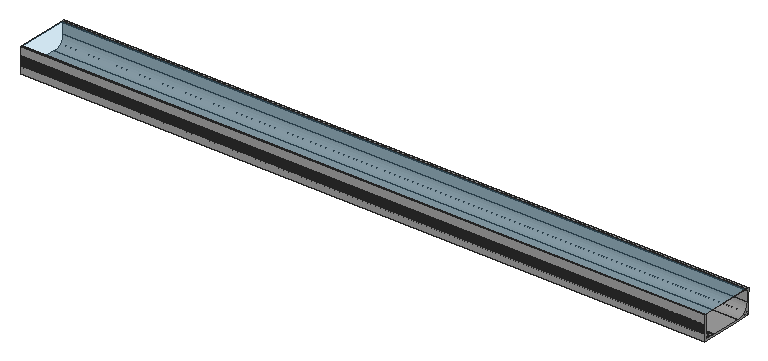
Revit family "PS8035", category Luminarias, Revit 2019
Family settings
  Cota de conector redondo = Diámetro de uso
  Tipo de pieza = Normal
  Se basa en plano de trabajo = Sí
  Siempre vertical = No
  Corte con vacíos al cargar = No
  Origen de luz = No
  Compartido = Sí
  Punto de cálculo de habitación = No
Parameters (values of type "PERFIL_PS8035")
  Tapa Final 8035.1 = 1
  Keynote = ""
  Modelo = "PS8035"
  Lamp = ""
  Longitud = 1000 mm
  Fabricante = "BRILLANT"
  Default Elevation = 1219.2 mm
  Descripción = "PERFIL DE ALUMINIO CON DIFUSOR LECHOSO, PARA ALOJAR TIRA LUMINOSA, PERFIL DE COLOCACION DE 41.2MM DE ANCHO. INSTALACION SOBRE SUPERFICIES, CUENTA CON PIEZAS DE SUJECION PARA DIRIGIR LA CANALETA Y DESPLAZARLA. IDEAL PARA ATENUAR EL BRILLO E INCORPORAR LA LUZ AL AMBIENTE.PRESENTACION DESDE 0.5 - 3 METROS, REQUEIRE ACCESORIOS COMO TAPA FINAL (CONSIDERAR 1 PAR POR SEGMENTO DE PERFIL)."
  Costo USD_PS8035 [instance] = (Longitud / 1000 mm) * (31)  # 31
  Wattage Comments = ""
Reference planes
  plane 1 "Centro (Frontal/Posterior)": y = 0
  plane 2: z = 0
  plane 3 "Centro (Izquierda/Derecha)": x = 0
  plane 4: x = -1000
Forms (mm)
  Extrusion 1, solid, material "Aluminio"
    sketch origin (37.527, 0, 32.853) x (0, 0, 1) y (0, -1, 0)
      loop
        line (2.147, -38.085) -> (0.294, -38.085) -> (-0.82, -39.2) -> (-1.952, -39.2) -> (-1.152, -38.4) -> (-15.353, -38.4)
        arc (-15.353, -38.4) -> (-26.596, -33.743) -> (-31.253, -22.5) r 15.9
        line (-31.253, -22.5) -> (-31.253, -20.6) -> (-30.453, -20.6) -> (-30.453, 20.6) -> (-31.253, 20.6) -> (-31.253, 22.5)
        arc (-31.253, 22.5) -> (-26.596, 33.743) -> (-15.353, 38.4) r 15.9
        line (-15.353, 38.4) -> (-1.152, 38.4) -> (-1.952, 39.2) -> (-0.82, 39.2) -> (0.294, 38.085) -> (2.147, 38.085) -> (2.147, 40) -> (-10.296, 40) -> (-10.862, 39.434) -> (-11.428, 40) -> (-12.228, 40) -> (-12.794, 39.434) -> (-13.359, 40) -> (-14.159, 40) -> (-14.725, 39.434) -> (-15.291, 40) -> (-16.091, 40) -> (-16.656, 39.434) -> (-17.222, 40) -> (-18.022, 40) -> (-18.588, 39.434) -> (-19.153, 40) -> (-19.953, 40) -> (-20.519, 39.434) -> (-21.085, 40) -> (-21.885, 40) -> (-22.45, 39.434) -> (-23.016, 40) -> (-32.853, 40) -> (-32.853, -22.5) -> (-32.853, -40) -> (-23.016, -40) -> (-22.45, -39.434) -> (-21.885, -40) -> (-21.085, -40) -> (-20.519, -39.434) -> (-19.953, -40) -> (-19.153, -40) -> (-18.588, -39.434) -> (-18.022, -40) -> (-17.222, -40) -> (-16.656, -39.434) -> (-16.091, -40) -> (-15.291, -40) -> (-14.725, -39.434) -> (-14.159, -40) -> (-13.359, -40) -> (-12.794, -39.434) -> (-12.228, -40) -> (-11.428, -40) -> (-10.862, -39.434) -> (-10.296, -40) -> (2.147, -40) -> (2.147, -38.085)
      loop
        arc (-22.663, -38.4) -> (-27.727, -34.874) -> (-31.253, -29.81) r 17.5
        line (-31.253, -29.81) -> (-31.253, -36.144)
        arc (-31.253, -36.144) -> (-30.579, -36.248) -> (-29.966, -36.548) r 2.256
        line (-29.966, -36.548) -> (-31.536, -38.117) -> (-30.97, -38.683) -> (-29.401, -37.113)
        arc (-29.401, -37.113) -> (-29.101, -37.726) -> (-28.998, -38.4) r 2.256
        line (-28.998, -38.4) -> (-22.663, -38.4)
      loop
        line (-22.663, 38.4) -> (-28.998, 38.4)
        arc (-28.998, 38.4) -> (-29.101, 37.726) -> (-29.401, 37.113) r 2.256
        line (-29.401, 37.113) -> (-30.97, 38.683) -> (-31.536, 38.117) -> (-29.966, 36.548)
        arc (-29.966, 36.548) -> (-30.579, 36.248) -> (-31.253, 36.144) r 2.256
        line (-31.253, 36.144) -> (-31.253, 29.81)
        arc (-31.253, 29.81) -> (-27.727, 34.874) -> (-22.663, 38.4) r 17.5
    from -1037.527 to -37.527
  Extrusion 2, solid, material "Difusor Lechoso"
    sketch origin (22.394, 0, 30.619) x (0, 0, 1) y (0, -1, 0)
      loop
        line (4.381, -38.085) -> (4.381, 38.085) -> (2.528, 38.085) -> (1.413, 39.2) -> (0.282, 39.2) -> (2.196, 37.285) -> (3.581, 37.285) -> (3.581, -37.285) -> (2.196, -37.285) -> (0.282, -39.2) -> (1.413, -39.2) -> (2.528, -38.085) -> (4.381, -38.085)
    from -1022.394 to -22.394
Dimensions and locks
  "Longitud": plane 3 "Centro (Izquierda/Derecha)" to plane 4
  "Longitud": plane 4 to plane 3 "Centro (Izquierda/Derecha)"
  Extrusion 2 to Extrusion 1 = 35 mm
  Extrusion 1 to Extrusion 1 = 41.2 mm
  Extrusion 1 to Extrusion 1 = 80 mm
  aligned and locked: level to plane 2
  aligned and locked: plane 4 to Extrusion 1
  aligned and locked: plane 3 "Centro (Izquierda/Derecha)" to Extrusion 1
  aligned and locked: plane 4 to Extrusion 2
  aligned and locked: plane 3 "Centro (Izquierda/Derecha)" to Extrusion 2
Automatic sketch dimensions
  level to Extrusion 2 sketch curve = 30.901 mm  (x2)
  Extrusion 2 sketch curve to Extrusion 2 sketch curve = 1.131 mm  (x2)
  Extrusion 2 sketch curve to Extrusion 2 sketch curve = 0.783 mm  (x2)
  Extrusion 2 sketch curve to Extrusion 2 sketch curve = 0.331 mm  (x2)
  Extrusion 2 sketch curve to Extrusion 2 sketch curve = 1.053 mm
  Extrusion 2 sketch curve to Extrusion 2 sketch curve = 0.8 mm  (x3)
  Extrusion 2 sketch curve to plane 1 "Centro (Frontal/Posterior)" = 39.2 mm
  Extrusion 2 sketch curve to Extrusion 2 sketch curve = 1.115 mm  (x2)
  plane 1 "Centro (Frontal/Posterior)" to Extrusion 2 sketch curve = 37.285 mm
  Extrusion 1 sketch curve to Extrusion 1 sketch curve = 0 mm  (x18)
  Extrusion 1 sketch curve to level = 0 mm
  level to Extrusion 1 sketch curve = 1.317 mm  (x2)
  Extrusion 1 sketch curve to Extrusion 1 sketch curve = 0.283 mm  (x4)
  level to Extrusion 1 sketch curve = 1.6 mm  (x2)
  Extrusion 1 sketch curve to Extrusion 1 sketch curve = 0.8 mm  (x17)
  Extrusion 1 sketch curve to Extrusion 1 sketch curve = 1.287 mm  (x2)
  Extrusion 1 sketch curve to Extrusion 1 sketch curve = 0.566 mm  (x31)
  Extrusion 1 sketch curve to Extrusion 1 sketch curve = 0.403 mm  (x2)
  Extrusion 1 sketch curve to Extrusion 1 sketch curve = 5.981 mm  (x2)
  Extrusion 1 sketch curve to Extrusion 1 sketch curve = 0.353 mm  (x2)
  Extrusion 1 sketch curve to Extrusion 1 sketch curve = 15.1 mm
  Extrusion 1 sketch curve to Extrusion 1 sketch curve = 1.303 mm
  Extrusion 1 sketch curve to Extrusion 1 sketch curve = 8.345 mm  (x2)
  Extrusion 1 sketch curve to Extrusion 1 sketch curve = 0.331 mm  (x2)
  Extrusion 1 sketch curve to Extrusion 1 sketch curve = 1.446 mm  (x2)
  Extrusion 1 sketch curve to Extrusion 1 sketch curve = 1.853 mm  (x2)
  Extrusion 1 sketch curve to plane 1 "Centro (Frontal/Posterior)" = 40 mm
  Extrusion 1 sketch curve to Extrusion 1 sketch curve = 1.317 mm
  Extrusion 1 sketch curve to Extrusion 1 sketch curve = 1.034 mm  (x7)
  Extrusion 1 sketch curve to Extrusion 1 sketch curve = 0.315 mm  (x2)
  Extrusion 1 sketch curve to Extrusion 1 sketch curve = 1.9 mm  (x2)
  plane 1 "Centro (Frontal/Posterior)" to Extrusion 1 sketch curve = 20.6 mm
  Extrusion 1 sketch curve to Extrusion 1 sketch curve = 7.31 mm
  Extrusion 1 sketch curve to Extrusion 1 sketch curve = 0.969 mm
